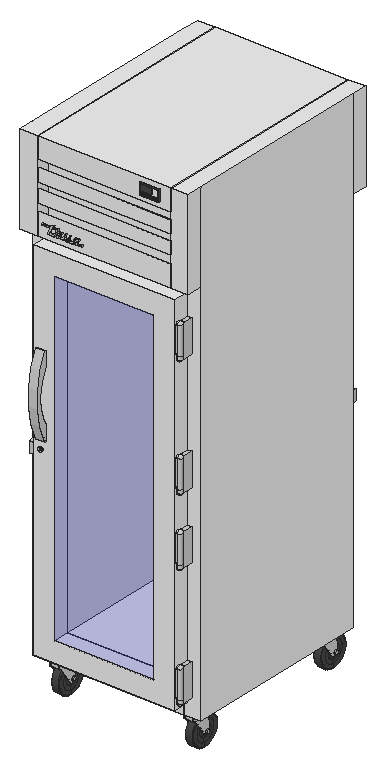
Revit family
Parameters
  Weight in Pounds = 0
  Watts = 1500 W
  Volts = 208 V
  URL Cutsheet = "www.truemfg.com"
  URL = "www.truemfg.com"
  Type Mark [instance] = ""
  Type Comments = ""
  Status [instance] = ""
  Specification by User [instance] = ""
  Specification by Manufacturer = ""
  Show Seismic Flanged [instance] = no
  Show Logo [instance] = yes
  Show Legs [instance] = no
  Show Clearance [instance] = yes
  Serial Number = ""
  Seismic Rating = ""
  Seismic Plate [instance] = and(Show Seismic Flanged, not(Show Casters))  # no
  SMACNA No = ""
  Revision Code [instance] = ""
  Phase = 1
  Omniclass Number and Title = ""
  Number of Poles [instance] = 1
  NAFEM Spec ID Number = ""
  Model = "STR1HPT-1G-1S"
  Min Ckt Ampacity = 0 A
  Max Overcurrent Protection = 0 A
  Masterspec = ""
  Manufacturer = "TRUE FOOD SERVICE EQUIPMENT, INC."
  Length = 27 1/2"
  Legs [instance] = or(Show Legs, Show Seismic Flanged)  # no
  Item Number [instance] = ""
  Installed By [instance] = ""
  Identify Quantity as Lot [instance] = yes
  Height = 77 3/4"
  HP = ""
  Furnished By [instance] = ""
  Foodservice Equipment Identifier [instance] = yes
  FL Amps = Watts / Volts  # 7.21154 A
  Electrical Remarks [instance] = ""
  Electric Connection Type [instance] = ""
  Elec Conn RI Height [instance] = 0"
  Elec Conn Connection Height [instance] = 0"
  Description = "Pass-thru Glass Front /Solid Rear Swing Door Heated Cabinet"
  Depth = 36 1/2"
  Cycle = 60 Hz
  Conn Plug = "5-15P"
  Conn Conduit = yes
  Show Casters [instance] = and(not(if(Show Legs, Show Legs, Show Legs)), not(if(Show Legs, Show Legs, Show Seismic Flanged)))  # yes
  CSI MasterFormat = ""
  CSI Master Format = ""
  Apparent Power = if(Phase = 3, Volts * FL Amps * 1.73, Volts * FL Amps)  # 1500 VA
Reference planes (in)
  plane 1: z = 0
  plane 2 "LEFT": x = 0
  plane 3 "RIGHT": x = 27.5
  plane 4 "FRONT": y = -33.75
  plane 5 "TOP": z = 84.125
  plane 6: z = 6.125
  plane 7: y = 2.75
Forms (in)
  Extrusion 1, solid, material "QF_Finishes_Chrome - Satin"
    sketch origin (0.05, 0, 0) x (1, 0, 0) y (0, 1, 0)
      loop
        line (-0.05, 0) -> (-0.05, -31) -> (2.80938, -31) -> (2.80938, 0) -> (-0.05, 0)
    from 6.125 to 84.125
  Extrusion 2, solid, material "QF_Finishes_Chrome - Satin"
    sketch origin (50.15, 0, 0) x (1, 0, 0) y (0, 1, 0)
      loop
        line (-25.50937, 0) -> (-25.50937, -31) -> (-22.65, -31) -> (-22.65, 0) -> (-25.50937, 0)
    from 6.125 to 84.125
  Extrusion 3, solid, material "QF_Finishes_Chrome - Satin"
    sketch origin (0, 0, 0) x (0, 1, 0) y (0, 0, 1)
      loop
        line (-33.5625, 69.5) -> (-31, 69.5) -> (-31, 64.875) -> (0, 64.875) -> (0, 69.5) -> (2.5625, 69.5) -> (2.5625, 73.1597) -> (0.49784, 71.69166) -> (0.49784, 72.96723) -> (2.5625, 74.43527) -> (2.5625, 76.53148) -> (0.49784, 75.06344) -> (0.49784, 76.0242) -> (2.5625, 77.49224) -> (2.5625, 79.62595) -> (0.49784, 78.15791) -> (0.49784, 79.28018) -> (2.5625, 80.74822) -> (2.5625, 84.125) -> (-33.5625, 84.125) -> (-33.5625, 80.68002) -> (-31.5, 79.21352) -> (-31.5, 78.09125) -> (-33.5625, 79.55776) -> (-33.5625, 77.42405) -> (-31.5, 75.95754) -> (-31.5, 74.99678) -> (-33.5625, 76.46328) -> (-33.5625, 74.36708) -> (-31.5, 72.90057) -> (-31.5, 71.625) -> (-33.5625, 73.09151) -> (-33.5625, 69.5)
      loop
        line (-31, 6.125) -> (0, 6.125) -> (0, 8.94743) -> (-31, 8.94743) -> (-31, 6.125)
    from 2.85938 to 24.64062
  Extrusion 4, solid, material "QF_Finishes_Chrome - Satin"
    sketch origin (0, 0, 0) x (1, 0, 0) y (0, 1, 0)
      loop
        line (27.45312, -31) -> (24.64062, -31) -> (24.64062, -33.5625) -> (27.45312, -33.5625) -> (27.45312, -31)
    from 69.5 to 84.125
  Extrusion 5, solid, material "QF_Finishes_Chrome - Satin"
    sketch origin (-50.125, 0, 0.25) x (1, 0, 0) y (0, 1, 0)
      loop
        line (52.98437, -31) -> (50.17188, -31) -> (50.17188, -33.5625) -> (52.98437, -33.5625) -> (52.98437, -31)
    from 69.25 to 83.875
  Extrusion 6, solid, material "QF_Finishes_Handrails and Railings", visible <- "Show Logo"
    sketch origin (0.33478, 1.08173, -6.73143) x (1, 0, 0) y (0, 0, 1)
      loop
        line (3.46044, 78.46231) -> (3.35478, 78.23573) -> (4.76027, 78.23573)
        arc (4.76027, 78.23573) -> (4.78879, 78.18528) -> (4.76027, 78.13484) r 0.05887
        line (4.76027, 78.13484) -> (4.39369, 77.34872)
        arc (4.39369, 77.34872) -> (4.39051, 77.27591) -> (4.43975, 77.22217) r 0.09523
        line (4.43975, 77.22217) -> (5.33844, 77.22217)
        arc (5.33844, 77.22217) -> (5.45192, 77.25795) -> (5.52436, 77.35235) r 0.19785
        line (5.52436, 77.35235) -> (5.81285, 77.97101) -> (6.0779, 77.97101)
        arc (6.0779, 77.97101) -> (6.14744, 77.94543) -> (6.13737, 77.87203) r 0.05911
        line (6.13737, 77.87203) -> (5.89598, 77.35437)
        arc (5.89598, 77.35437) -> (5.89974, 77.2684) -> (5.97231, 77.22217) r 0.09318
        line (5.97231, 77.22217) -> (6.76198, 77.22217)
        arc (6.76198, 77.22217) -> (6.82249, 77.24419) -> (6.85468, 77.29995) r 0.09412
        arc (6.85468, 77.29995) -> (6.87746, 77.24495) -> (6.93246, 77.22217) r 0.07778
        line (6.93246, 77.22217) -> (7.43246, 77.22217)
        arc (7.43246, 77.22217) -> (7.49022, 77.23765) -> (7.53251, 77.27993) r 0.11552
        arc (7.53251, 77.27993) -> (7.55275, 77.23106) -> (7.60162, 77.21081) r 0.06912
        line (7.60162, 77.21081) -> (8.31225, 77.21081)
        arc (8.31225, 77.21081) -> (8.37034, 77.23488) -> (8.39441, 77.29297) r 0.08216
        arc (8.39441, 77.29297) -> (8.44767, 77.23972) -> (8.52042, 77.22022) r 0.14551
        line (8.52042, 77.22022) -> (9.85158, 77.22022) -> (9.99946, 77.47634) -> (8.65678, 77.47634)
        arc (8.65678, 77.47634) -> (8.61972, 77.50204) -> (8.61834, 77.54711) r 0.05009
        line (8.61834, 77.54711) -> (8.64157, 77.59692)
        arc (8.64157, 77.59692) -> (8.67723, 77.64364) -> (8.73327, 77.66135) r 0.09747
        line (8.73327, 77.66135) -> (9.16485, 77.66135)
        arc (9.16485, 77.66135) -> (9.258, 77.68631) -> (9.32619, 77.7545) r 0.1863
        line (9.32619, 77.7545) -> (9.45119, 77.97101)
        arc (9.45119, 77.97101) -> (9.45119, 78.08657) -> (9.35111, 78.14434) r 0.11556
        line (9.35111, 78.14434) -> (8.89562, 78.14434)
        arc (8.89562, 78.14434) -> (8.7795, 78.12462) -> (8.69849, 78.03912) r 0.18605
        line (8.69849, 78.03912) -> (8.48204, 77.57493)
        arc (8.48204, 77.57493) -> (8.41815, 77.49167) -> (8.31806, 77.46011) r 0.1745
        line (8.31806, 77.46011) -> (7.84559, 77.46011)
        arc (7.84559, 77.46011) -> (7.78903, 77.52184) -> (7.79268, 77.60548) r 0.10939
        line (7.79268, 77.60548) -> (8.04395, 78.14434) -> (7.88403, 78.14434) -> (7.61781, 77.57344)
        arc (7.61781, 77.57344) -> (7.56609, 77.50603) -> (7.48505, 77.48048) r 0.14128
        line (7.48505, 77.48048) -> (7.15925, 77.48048)
        arc (7.15925, 77.48048) -> (7.10419, 77.55223) -> (7.116, 77.64189) r 0.11816
        line (7.116, 77.64189) -> (7.3503, 78.14434) -> (7.18514, 78.14434) -> (6.91546, 77.566)
        arc (6.91546, 77.566) -> (6.85285, 77.50339) -> (6.76733, 77.48048) r 0.17104
        line (6.76733, 77.48048) -> (6.29555, 77.48048)
        arc (6.29555, 77.48048) -> (6.21082, 77.51999) -> (6.20267, 77.61313) r 0.0935
        line (6.20267, 77.61313) -> (6.35774, 77.94569) -> (6.57695, 77.94569)
        arc (6.57695, 77.94569) -> (6.61395, 78.05717) -> (6.69267, 78.14434) r 0.2857
        line (6.69267, 78.14434) -> (5.83605, 78.14434)
        arc (5.83605, 78.14434) -> (5.74086, 78.12324) -> (5.67498, 78.05135) r 0.16212
        line (5.67498, 78.05135) -> (5.44279, 77.55341)
        arc (5.44279, 77.55341) -> (5.3894, 77.50002) -> (5.31647, 77.48048) r 0.14586
        line (5.31647, 77.48048) -> (4.80506, 77.48048)
        arc (4.80506, 77.48048) -> (4.76514, 77.53442) -> (4.77274, 77.60109) r 0.09155
        line (4.77274, 77.60109) -> (5.11018, 78.23573) -> (5.96155, 78.23573) -> (6.06721, 78.46231) -> (5.21584, 78.46231) -> (5.32149, 78.68888) -> (5.01862, 78.68888) -> (4.91297, 78.46231) -> (3.46044, 78.46231)
      loop
        arc (8.83805, 77.93863) -> (8.80119, 77.92875) -> (8.7742, 77.90176) r 0.07373
        line (8.7742, 77.90176) -> (8.75229, 77.83436)
        arc (8.75229, 77.83436) -> (8.76245, 77.80983) -> (8.78699, 77.79966) r 0.0347
        line (8.78699, 77.79966) -> (9.15948, 77.79966)
        arc (9.15948, 77.79966) -> (9.18632, 77.80561) -> (9.20812, 77.82234) r 0.0635
        line (9.20812, 77.82234) -> (9.22624, 77.90622)
        arc (9.22624, 77.90622) -> (9.22091, 77.92868) -> (9.20009, 77.93863) r 0.02676
        line (9.20009, 77.93863) -> (8.83805, 77.93863)
    from 34.64423 to 34.83173
  Extrusion 7, solid
    sketch origin (-25.125, 2.6875, 0) x (1, 0, 0) y (0, 0, 1)
      loop
        circle (49.375, 82) r 0.25
    from 0.23221 to 0.125
  Blend 8, solid, material "QF_Finishes_Handrails and Railings"
    base sketch origin (27.53125, 0.1875, -0.03527) x (-1, 0, 0) y (0, 0, -1)
      loop
        line (25.25, -38.99169) -> (26, -38.99169) -> (26, -37.24169) -> (25.25, -37.24169) -> (25.25, -38.99169)
    top sketch origin (27.53125, 0.1875, -0.03527) x (-1, 0, 0) y (0, 0, -1)
      loop
        line (26.18223, -36.6441) -> (25.25, -36.6441) -> (25.25, -39.42643) -> (26.18223, -39.42643) -> (26.18223, -36.6441)
    from 33.57883 to 31.1875
  Extrusion 9, solid, material "QF_Finishes_Handrails and Railings"
    sketch origin (26.21875, 0.1875, 0) x (0, 1, 0) y (0, 0, -1)
      loop
        line (-31.1875, -64.55229) -> (-31.1875, -59.23627) -> (-33.25, -59.23627) -> (-33.25, -59.94848) -> (-32.81497, -59.94848) -> (-32.81497, -64.34776)
        arc (-32.81497, -64.34776) -> (-32.75506, -64.49238) -> (-32.61044, -64.55229) r 0.20453
        line (-32.61044, -64.55229) -> (-31.1875, -64.55229)
    from 0.17506 to 1
  Revolve 10, solid, material "QF_Finishes_Handrails and Railings"
    sketch origin (25.71875, 0.1875, 0) x (0, 1, 0) y (0, 0, -1)
      loop
        line (-33.26563, -60.00189) -> (-33.67229, -60.00189) -> (-33.67229, -64.4736)
        arc (-33.67229, -64.4736) -> (-33.53722, -64.72557) -> (-33.26563, -64.81483) r 0.3848
        line (-33.26563, -64.81483) -> (-33.26563, -60.00189)
      loop
        line (-33.26563, -59.94848) -> (-33.26563, -59.04781)
        arc (-33.26563, -59.04781) -> (-33.53264, -59.13383) -> (-33.67229, -59.37712) r 0.38884
        line (-33.67229, -59.37712) -> (-33.67229, -59.94848) -> (-33.26563, -59.94848)
      axis (-33.26563, -59.04781) -> (-33.26563, -64.81483)
    angle from 0 to 360
  Extrusion 11, solid, material "QF_Finishes_Handrails and Railings"
    sketch origin (27.53125, 0.1875, 0) x (-1, 0, 0) y (0, 0, -1)
      loop
        line (1.91491, -64.4736) -> (2.3125, -64.4736) -> (2.3125, -60.00079) -> (1.91491, -60.00079) -> (1.91491, -64.4736)
    from 32.81497 to 33.59495
  Extrusion 12, solid, material "QF_Finishes_Handrails and Railings"
    sketch origin (26.21875, 0.1875, -19.5) x (0, 1, 0) y (0, 0, -1)
      loop
        line (-31.1875, -64.55229) -> (-31.1875, -59.23627) -> (-33.25, -59.23627) -> (-33.25, -59.94848) -> (-32.81497, -59.94848) -> (-32.81497, -64.34776)
        arc (-32.81497, -64.34776) -> (-32.75506, -64.49238) -> (-32.61044, -64.55229) r 0.20453
        line (-32.61044, -64.55229) -> (-31.1875, -64.55229)
    from 0.17506 to 1
  Revolve 13, solid, material "QF_Finishes_Handrails and Railings"
    sketch origin (25.71875, 0.1875, -19.5) x (0, 1, 0) y (0, 0, -1)
      loop
        line (-33.26563, -60.00189) -> (-33.67229, -60.00189) -> (-33.67229, -64.4736)
        arc (-33.67229, -64.4736) -> (-33.53722, -64.72557) -> (-33.26563, -64.81483) r 0.3848
        line (-33.26563, -64.81483) -> (-33.26563, -60.00189)
      loop
        line (-33.26563, -59.94848) -> (-33.26563, -59.04781)
        arc (-33.26563, -59.04781) -> (-33.53264, -59.13383) -> (-33.67229, -59.37712) r 0.38884
        line (-33.67229, -59.37712) -> (-33.67229, -59.94848) -> (-33.26563, -59.94848)
      axis (-33.26563, -59.04781) -> (-33.26563, -64.81483)
    angle from 0 to 360
  Extrusion 14, solid, material "QF_Finishes_Handrails and Railings"
    sketch origin (27.53125, 0.1875, -19.5) x (-1, 0, 0) y (0, 0, -1)
      loop
        line (1.91491, -64.4736) -> (2.3125, -64.4736) -> (2.3125, -60.00079) -> (1.91491, -60.00079) -> (1.91491, -64.4736)
    from 32.81497 to 33.59495
  Extrusion 15, solid, material "QF_Finishes_Handrails and Railings"
    sketch origin (26.21875, 0.1875, -30.5) x (0, 1, 0) y (0, 0, -1)
      loop
        line (-31.1875, -64.55229) -> (-31.1875, -59.23627) -> (-33.25, -59.23627) -> (-33.25, -59.94848) -> (-32.81497, -59.94848) -> (-32.81497, -64.34776)
        arc (-32.81497, -64.34776) -> (-32.75506, -64.49238) -> (-32.61044, -64.55229) r 0.20453
        line (-32.61044, -64.55229) -> (-31.1875, -64.55229)
    from 0.17506 to 1
  Revolve 16, solid, material "QF_Finishes_Handrails and Railings"
    sketch origin (25.71875, 0.1875, -30.5) x (0, 1, 0) y (0, 0, -1)
      loop
        line (-33.26563, -60.00189) -> (-33.67229, -60.00189) -> (-33.67229, -64.4736)
        arc (-33.67229, -64.4736) -> (-33.53722, -64.72557) -> (-33.26563, -64.81483) r 0.3848
        line (-33.26563, -64.81483) -> (-33.26563, -60.00189)
      loop
        line (-33.26563, -59.94848) -> (-33.26563, -59.04781)
        arc (-33.26563, -59.04781) -> (-33.53264, -59.13383) -> (-33.67229, -59.37712) r 0.38884
        line (-33.67229, -59.37712) -> (-33.67229, -59.94848) -> (-33.26563, -59.94848)
      axis (-33.26563, -59.04781) -> (-33.26563, -64.81483)
    angle from 0 to 360
  Extrusion 17, solid, material "QF_Finishes_Handrails and Railings"
    sketch origin (27.53125, 0.1875, -30.5) x (-1, 0, 0) y (0, 0, -1)
      loop
        line (1.91491, -64.4736) -> (2.3125, -64.4736) -> (2.3125, -60.00079) -> (1.91491, -60.00079) -> (1.91491, -64.4736)
    from 32.81497 to 33.59495
  Extrusion 18, solid, material "QF_Finishes_Handrails and Railings"
    sketch origin (26.21875, 0.1875, -50.25) x (0, 1, 0) y (0, 0, -1)
      loop
        line (-31.1875, -64.55229) -> (-31.1875, -59.23627) -> (-33.25, -59.23627) -> (-33.25, -59.94848) -> (-32.81497, -59.94848) -> (-32.81497, -64.34776)
        arc (-32.81497, -64.34776) -> (-32.75506, -64.49238) -> (-32.61044, -64.55229) r 0.20453
        line (-32.61044, -64.55229) -> (-31.1875, -64.55229)
    from 0.17506 to 1
  Revolve 19, solid, material "QF_Finishes_Handrails and Railings"
    sketch origin (25.71875, 0.1875, -50.25) x (0, 1, 0) y (0, 0, -1)
      loop
        line (-33.26563, -60.00189) -> (-33.67229, -60.00189) -> (-33.67229, -64.4736)
        arc (-33.67229, -64.4736) -> (-33.53722, -64.72557) -> (-33.26563, -64.81483) r 0.3848
        line (-33.26563, -64.81483) -> (-33.26563, -60.00189)
      loop
        line (-33.26563, -59.94848) -> (-33.26563, -59.04781)
        arc (-33.26563, -59.04781) -> (-33.53264, -59.13383) -> (-33.67229, -59.37712) r 0.38884
        line (-33.67229, -59.37712) -> (-33.67229, -59.94848) -> (-33.26563, -59.94848)
      axis (-33.26563, -59.04781) -> (-33.26563, -64.81483)
    angle from 0 to 360
  Extrusion 20, solid, material "QF_Finishes_Handrails and Railings"
    sketch origin (27.53125, 0.1875, -50.25) x (-1, 0, 0) y (0, 0, -1)
      loop
        line (1.91491, -64.4736) -> (2.3125, -64.4736) -> (2.3125, -60.00079) -> (1.91491, -60.00079) -> (1.91491, -64.4736)
    from 32.81497 to 33.59495
  Revolve 21, solid, material "QF_Finishes_Black", visible <- "Show Casters"
    sketch origin (22.65625, -27.375, 0) x (1, 0, 0) y (0, 0, 1)
      loop
        line (1.475, 5) -> (1.375, 4.9) -> (1.375, 4.29941) -> (1.53601, 4.29941) -> (1.53601, 3.54941) -> (1.375, 3.54941) -> (1.375, 2.79941) -> (0.975, 2.79941) -> (0.975, 2.5) -> (3.025, 2.5) -> (3.025, 2.79941) -> (2.62908, 2.79941) -> (2.62908, 3.54941) -> (2.46399, 3.54941) -> (2.46399, 4.29941) -> (2.62908, 4.29941) -> (2.62908, 4.89592) -> (2.525, 5) -> (1.475, 5)
      axis (3.025, 2.5) -> (0.975, 2.5)
    angle from 0 to 360
  Extrusion 22, solid, material "QF_Finishes_Handrails and Railings", visible <- "Show Casters"
    sketch origin (22.65625, 0, 0) x (0, 1, 0) y (0, 0, 1)
      loop
        line (-29.95136, 5.48574) -> (-29.95136, 4.88089) -> (-29.70136, 4.88089) -> (-27.95216, 2.18736)
        arc (-27.95216, 2.18736) -> (-27.23883, 1.94868) -> (-26.84581, 2.59003) r 0.60416
        line (-26.84581, 2.59003) -> (-27.20136, 5.48574) -> (-29.95136, 5.48574)
      loop
        line (-3.8577, 5.48574) -> (-3.8577, 4.88089) -> (-3.6077, 4.88089) -> (-1.8585, 2.18736)
        arc (-1.8585, 2.18736) -> (-1.14517, 1.94868) -> (-0.75215, 2.59003) r 0.60416
        line (-0.75215, 2.59003) -> (-1.1077, 5.48574) -> (-3.8577, 5.48574)
    from 1.175 to 1.325
  Extrusion 23, solid, material "QF_Finishes_Handrails and Railings", visible <- "Show Casters"
    sketch origin (24.15625, 0, 0) x (0, 1, 0) y (0, 0, 1)
      loop
        line (-29.95136, 5.48574) -> (-29.95136, 4.88089) -> (-29.70136, 4.88089) -> (-27.95216, 2.18736)
        arc (-27.95216, 2.18736) -> (-27.23883, 1.94868) -> (-26.84581, 2.59003) r 0.60416
        line (-26.84581, 2.59003) -> (-27.20136, 5.48574) -> (-29.95136, 5.48574)
      loop
        line (-3.8577, 5.48574) -> (-3.8577, 4.88089) -> (-3.6077, 4.88089) -> (-1.8585, 2.18736)
        arc (-1.8585, 2.18736) -> (-1.14517, 1.94868) -> (-0.75215, 2.59003) r 0.60416
        line (-0.75215, 2.59003) -> (-1.1077, 5.48574) -> (-3.8577, 5.48574)
    from 1.175 to 1.325
  Revolve 24, solid, material "QF_Finishes_Chrome - Satin", visible <- "Show Casters"
    sketch origin (22.65625, -28.57636, -0.5) x (1, 0, 0) y (0, 0, 1)
      loop
        line (2, 5.98574) -> (2, 6.625) -> (0.70293, 6.625) -> (0.70293, 5.98574) -> (2, 5.98574)
      axis (2, 5.98574) -> (2, 6.625)
    angle from 0 to 360
  Revolve 25, solid, material "QF_Finishes_Chrome - Satin", visible <- "Legs"
    sketch origin (22.65625, -2.69102, 0) x (1, 0, 0) y (0, 0, 1)
      loop
        line (2, 6.125) -> (0.66662, 6.125) -> (1.25, 1) -> (1.5, 1) -> (1.5, 0) -> (2, 0) -> (2, 6.125)
      axis (2, 0) -> (2, 6.125)
    angle from 0 to 360
  Revolve 26, solid, material "QF_Finishes_Chrome - Satin", visible <- "Legs"
    sketch origin (22.65625, -28.65977, 0) x (1, 0, 0) y (0, 0, 1)
      loop
        line (2, 6.125) -> (0.66662, 6.125) -> (1.25, 1) -> (1.5, 1) -> (1.5, 0) -> (2, 0) -> (2, 6.125)
      axis (2, 0) -> (2, 6.125)
    angle from 0 to 360
  Revolve 27, solid, material "QF_Finishes_Chrome - Satin", visible <- "Show Casters"
    sketch origin (22.65625, -2.4827, -0.5) x (1, 0, 0) y (0, 0, 1)
      loop
        line (2, 5.98574) -> (2, 6.625) -> (0.70293, 6.625) -> (0.70293, 5.98574) -> (2, 5.98574)
      axis (2, 5.98574) -> (2, 6.625)
    angle from 0 to 360
  Extrusion 28, solid, material "QF_Finishes_Handrails and Railings", visible <- "Show Casters"
    sketch origin (-25.125, 0, 0) x (0, 1, 0) y (0, 0, 1)
      loop
        line (-29.95136, 5.48574) -> (-29.95136, 4.88089) -> (-29.70136, 4.88089) -> (-27.16533, 5.19227) -> (-27.20136, 5.48574) -> (-29.95136, 5.48574)
      loop
        line (-3.8577, 5.48574) -> (-3.8577, 4.88089) -> (-3.6077, 4.88089) -> (-1.07167, 5.19227) -> (-1.1077, 5.48574) -> (-3.8577, 5.48574)
    from 49.10625 to 50.45625
  Revolve 29, solid, material "QF_Finishes_Black", visible <- "Show Casters"
    sketch origin (22.65625, -1.21875, 0) x (1, 0, 0) y (0, 0, 1)
      loop
        line (1.475, 5) -> (1.375, 4.9) -> (1.375, 4.29941) -> (1.53601, 4.29941) -> (1.53601, 3.54941) -> (1.375, 3.54941) -> (1.375, 2.79941) -> (0.975, 2.79941) -> (0.975, 2.5) -> (3.025, 2.5) -> (3.025, 2.79941) -> (2.62908, 2.79941) -> (2.62908, 3.54941) -> (2.46399, 3.54941) -> (2.46399, 4.29941) -> (2.62908, 4.29941) -> (2.62908, 4.89592) -> (2.525, 5) -> (1.475, 5)
      axis (3.025, 2.5) -> (0.975, 2.5)
    angle from 0 to 360
  Revolve 30, solid, material "QF_Finishes_Black", visible <- "Show Casters"
    sketch origin (0.84375, -27.375, 0) x (1, 0, 0) y (0, 0, 1)
      loop
        line (1.475, 5) -> (1.375, 4.9) -> (1.375, 4.29941) -> (1.53601, 4.29941) -> (1.53601, 3.54941) -> (1.375, 3.54941) -> (1.375, 2.79941) -> (0.975, 2.79941) -> (0.975, 2.5) -> (3.025, 2.5) -> (3.025, 2.79941) -> (2.62908, 2.79941) -> (2.62908, 3.54941) -> (2.46399, 3.54941) -> (2.46399, 4.29941) -> (2.62908, 4.29941) -> (2.62908, 4.89592) -> (2.525, 5) -> (1.475, 5)
      axis (3.025, 2.5) -> (0.975, 2.5)
    angle from 0 to 360
  Extrusion 31, solid, material "QF_Finishes_Handrails and Railings", visible <- "Show Casters"
    sketch origin (0.84375, 0, 0) x (0, 1, 0) y (0, 0, 1)
      loop
        line (-29.95136, 5.48574) -> (-29.95136, 4.88089) -> (-29.70136, 4.88089) -> (-27.95216, 2.18736)
        arc (-27.95216, 2.18736) -> (-27.23883, 1.94868) -> (-26.84581, 2.59003) r 0.60416
        line (-26.84581, 2.59003) -> (-27.20136, 5.48574) -> (-29.95136, 5.48574)
      loop
        line (-3.8577, 5.48574) -> (-3.8577, 4.88089) -> (-3.6077, 4.88089) -> (-1.8585, 2.18736)
        arc (-1.8585, 2.18736) -> (-1.14517, 1.94868) -> (-0.75215, 2.59003) r 0.60416
        line (-0.75215, 2.59003) -> (-1.1077, 5.48574) -> (-3.8577, 5.48574)
    from 1.175 to 1.325
  Extrusion 32, solid, material "QF_Finishes_Handrails and Railings", visible <- "Show Casters"
    sketch origin (2.34375, 0, 0) x (0, 1, 0) y (0, 0, 1)
      loop
        line (-29.95136, 5.48574) -> (-29.95136, 4.88089) -> (-29.70136, 4.88089) -> (-27.95216, 2.18736)
        arc (-27.95216, 2.18736) -> (-27.23883, 1.94868) -> (-26.84581, 2.59003) r 0.60416
        line (-26.84581, 2.59003) -> (-27.20136, 5.48574) -> (-29.95136, 5.48574)
      loop
        line (-3.8577, 5.48574) -> (-3.8577, 4.88089) -> (-3.6077, 4.88089) -> (-1.8585, 2.18736)
        arc (-1.8585, 2.18736) -> (-1.14517, 1.94868) -> (-0.75215, 2.59003) r 0.60416
        line (-0.75215, 2.59003) -> (-1.1077, 5.48574) -> (-3.8577, 5.48574)
    from 1.175 to 1.325
  Revolve 33, solid, material "QF_Finishes_Chrome - Satin", visible <- "Show Casters"
    sketch origin (0.84375, -28.57636, -0.5) x (1, 0, 0) y (0, 0, 1)
      loop
        line (2, 5.98574) -> (2, 6.625) -> (0.70293, 6.625) -> (0.70293, 5.98574) -> (2, 5.98574)
      axis (2, 5.98574) -> (2, 6.625)
    angle from 0 to 360
  Revolve 34, solid, material "QF_Finishes_Chrome - Satin", visible <- "Legs"
    sketch origin (0.84375, -2.69102, 0) x (1, 0, 0) y (0, 0, 1)
      loop
        line (2, 6.125) -> (0.66662, 6.125) -> (1.25, 1) -> (1.5, 1) -> (1.5, 0) -> (2, 0) -> (2, 6.125)
      axis (2, 0) -> (2, 6.125)
    angle from 0 to 360
  Revolve 35, solid, material "QF_Finishes_Chrome - Satin", visible <- "Legs"
    sketch origin (0.84375, -28.65977, 0) x (1, 0, 0) y (0, 0, 1)
      loop
        line (2, 6.125) -> (0.66662, 6.125) -> (1.25, 1) -> (1.5, 1) -> (1.5, 0) -> (2, 0) -> (2, 6.125)
      axis (2, 0) -> (2, 6.125)
    angle from 0 to 360
  Revolve 36, solid, material "QF_Finishes_Chrome - Satin", visible <- "Show Casters"
    sketch origin (0.84375, -2.4827, -0.5) x (1, 0, 0) y (0, 0, 1)
      loop
        line (2, 5.98574) -> (2, 6.625) -> (0.70293, 6.625) -> (0.70293, 5.98574) -> (2, 5.98574)
      axis (2, 5.98574) -> (2, 6.625)
    angle from 0 to 360
  Extrusion 37, solid, material "QF_Finishes_Handrails and Railings", visible <- "Show Casters"
    sketch origin (-46.9375, 0, 0) x (0, 1, 0) y (0, 0, 1)
      loop
        line (-29.95136, 5.48574) -> (-29.95136, 4.88089) -> (-29.70136, 4.88089) -> (-27.16533, 5.19227) -> (-27.20136, 5.48574) -> (-29.95136, 5.48574)
      loop
        line (-3.8577, 5.48574) -> (-3.8577, 4.88089) -> (-3.6077, 4.88089) -> (-1.07167, 5.19227) -> (-1.1077, 5.48574) -> (-3.8577, 5.48574)
    from 49.10625 to 50.45625
  Revolve 38, solid, material "QF_Finishes_Black", visible <- "Show Casters"
    sketch origin (0.84375, -1.21875, 0) x (1, 0, 0) y (0, 0, 1)
      loop
        line (1.475, 5) -> (1.375, 4.9) -> (1.375, 4.29941) -> (1.53601, 4.29941) -> (1.53601, 3.54941) -> (1.375, 3.54941) -> (1.375, 2.79941) -> (0.975, 2.79941) -> (0.975, 2.5) -> (3.025, 2.5) -> (3.025, 2.79941) -> (2.62908, 2.79941) -> (2.62908, 3.54941) -> (2.46399, 3.54941) -> (2.46399, 4.29941) -> (2.62908, 4.29941) -> (2.62908, 4.89592) -> (2.525, 5) -> (1.475, 5)
      axis (3.025, 2.5) -> (0.975, 2.5)
    angle from 0 to 360
  Extrusion 39, solid, material "QF_Finishes_Chrome - Satin"
    sketch origin (0, -31.375, 0) x (1, 0, 0) y (0, 1, 0)
      loop
        line (27.45312, 31.375) -> (27.45312, 33.9375) -> (24.64062, 33.9375) -> (24.64062, 31.375) -> (27.45312, 31.375)
    from 69.5 to 84.125
  Extrusion 40, solid, material "QF_Finishes_Chrome - Satin"
    sketch origin (-50.125, -31, 0.25) x (1, 0, 0) y (0, 1, 0)
      loop
        line (52.98437, 31) -> (52.98437, 33.5625) -> (50.17188, 33.5625) -> (50.17188, 31) -> (52.98437, 31)
    from 69.25 to 83.875
  Extrusion 41, solid, material "QF_Finishes_Handrails and Railings"
    sketch origin (1.28125, -31.17295, 0) x (0, -1, 0) y (0, 0, -1)
      loop
        line (-31.17295, -64.55229) -> (-31.17295, -59.23627) -> (-33.25, -59.23627) -> (-33.25, -59.94848) -> (-32.81497, -59.94848) -> (-32.81497, -64.34776)
        arc (-32.81497, -64.34776) -> (-32.75506, -64.49238) -> (-32.61044, -64.55229) r 0.20453
        line (-32.61044, -64.55229) -> (-31.17295, -64.55229)
    from 0.17506 to 1
  Revolve 42, solid, material "QF_Finishes_Handrails and Railings"
    sketch origin (1.78125, -31.17295, 0) x (0, -1, 0) y (0, 0, -1)
      loop
        line (-33.26563, -60.00189) -> (-33.67229, -60.00189) -> (-33.67229, -64.4736)
        arc (-33.67229, -64.4736) -> (-33.53722, -64.72557) -> (-33.26563, -64.81483) r 0.3848
        line (-33.26563, -64.81483) -> (-33.26563, -60.00189)
      loop
        line (-33.26563, -59.94848) -> (-33.26563, -59.04781)
        arc (-33.26563, -59.04781) -> (-33.53264, -59.13383) -> (-33.67229, -59.37712) r 0.38884
        line (-33.67229, -59.37712) -> (-33.67229, -59.94848) -> (-33.26563, -59.94848)
      axis (-33.26563, -59.04781) -> (-33.26563, -64.81483)
    angle from 0 to 360
  Extrusion 43, solid, material "QF_Finishes_Handrails and Railings"
    sketch origin (-0.03125, -31.17295, 0) x (1, 0, 0) y (0, 0, -1)
      loop
        line (1.91491, -64.4736) -> (2.3125, -64.4736) -> (2.3125, -60.00079) -> (1.91491, -60.00079) -> (1.91491, -64.4736)
    from 32.81497 to 33.59495
  Extrusion 44, solid, material "QF_Finishes_Handrails and Railings"
    sketch origin (1.28125, -31.17295, -19.5) x (0, -1, 0) y (0, 0, -1)
      loop
        line (-31.17295, -64.55229) -> (-31.17295, -59.23627) -> (-33.25, -59.23627) -> (-33.25, -59.94848) -> (-32.81497, -59.94848) -> (-32.81497, -64.34776)
        arc (-32.81497, -64.34776) -> (-32.75506, -64.49238) -> (-32.61044, -64.55229) r 0.20453
        line (-32.61044, -64.55229) -> (-31.17295, -64.55229)
    from 0.17506 to 1
  Revolve 45, solid, material "QF_Finishes_Handrails and Railings"
    sketch origin (1.78125, -31.17295, -19.5) x (0, -1, 0) y (0, 0, -1)
      loop
        line (-33.26563, -60.00189) -> (-33.67229, -60.00189) -> (-33.67229, -64.4736)
        arc (-33.67229, -64.4736) -> (-33.53722, -64.72557) -> (-33.26563, -64.81483) r 0.3848
        line (-33.26563, -64.81483) -> (-33.26563, -60.00189)
      loop
        line (-33.26563, -59.94848) -> (-33.26563, -59.04781)
        arc (-33.26563, -59.04781) -> (-33.53264, -59.13383) -> (-33.67229, -59.37712) r 0.38884
        line (-33.67229, -59.37712) -> (-33.67229, -59.94848) -> (-33.26563, -59.94848)
      axis (-33.26563, -59.04781) -> (-33.26563, -64.81483)
    angle from 0 to 360
  Extrusion 46, solid, material "QF_Finishes_Handrails and Railings"
    sketch origin (-0.03125, -31.17295, -19.5) x (1, 0, 0) y (0, 0, -1)
      loop
        line (1.91491, -64.4736) -> (2.3125, -64.4736) -> (2.3125, -60.00079) -> (1.91491, -60.00079) -> (1.91491, -64.4736)
    from 32.81497 to 33.59495
  Extrusion 47, solid, material "QF_Finishes_Handrails and Railings"
    sketch origin (1.28125, -31.17295, -30.5) x (0, -1, 0) y (0, 0, -1)
      loop
        line (-31.17295, -64.55229) -> (-31.17295, -59.23627) -> (-33.25, -59.23627) -> (-33.25, -59.94848) -> (-32.81497, -59.94848) -> (-32.81497, -64.34776)
        arc (-32.81497, -64.34776) -> (-32.75506, -64.49238) -> (-32.61044, -64.55229) r 0.20453
        line (-32.61044, -64.55229) -> (-31.17295, -64.55229)
    from 0.17506 to 1
  Revolve 48, solid, material "QF_Finishes_Handrails and Railings"
    sketch origin (1.78125, -31.17295, -30.5) x (0, -1, 0) y (0, 0, -1)
      loop
        line (-33.26563, -60.00189) -> (-33.67229, -60.00189) -> (-33.67229, -64.4736)
        arc (-33.67229, -64.4736) -> (-33.53722, -64.72557) -> (-33.26563, -64.81483) r 0.3848
        line (-33.26563, -64.81483) -> (-33.26563, -60.00189)
      loop
        line (-33.26563, -59.94848) -> (-33.26563, -59.04781)
        arc (-33.26563, -59.04781) -> (-33.53264, -59.13383) -> (-33.67229, -59.37712) r 0.38884
        line (-33.67229, -59.37712) -> (-33.67229, -59.94848) -> (-33.26563, -59.94848)
      axis (-33.26563, -59.04781) -> (-33.26563, -64.81483)
    angle from 0 to 360
  Extrusion 49, solid, material "QF_Finishes_Handrails and Railings"
    sketch origin (-0.03125, -31.17295, -30.5) x (1, 0, 0) y (0, 0, -1)
      loop
        line (1.91491, -64.4736) -> (2.3125, -64.4736) -> (2.3125, -60.00079) -> (1.91491, -60.00079) -> (1.91491, -64.4736)
    from 32.81497 to 33.59495
  Extrusion 50, solid, material "QF_Finishes_Handrails and Railings"
    sketch origin (1.28125, -31.17295, -50.25) x (0, -1, 0) y (0, 0, -1)
      loop
        line (-31.17295, -64.55229) -> (-31.17295, -59.23627) -> (-33.25, -59.23627) -> (-33.25, -59.94848) -> (-32.81497, -59.94848) -> (-32.81497, -64.34776)
        arc (-32.81497, -64.34776) -> (-32.75506, -64.49238) -> (-32.61044, -64.55229) r 0.20453
        line (-32.61044, -64.55229) -> (-31.17295, -64.55229)
    from 0.17506 to 1
  Revolve 51, solid, material "QF_Finishes_Handrails and Railings"
    sketch origin (1.78125, -31.17295, -50.25) x (0, -1, 0) y (0, 0, -1)
      loop
        line (-33.26563, -60.00189) -> (-33.67229, -60.00189) -> (-33.67229, -64.4736)
        arc (-33.67229, -64.4736) -> (-33.53722, -64.72557) -> (-33.26563, -64.81483) r 0.3848
        line (-33.26563, -64.81483) -> (-33.26563, -60.00189)
      loop
        line (-33.26563, -59.94848) -> (-33.26563, -59.04781)
        arc (-33.26563, -59.04781) -> (-33.53264, -59.13383) -> (-33.67229, -59.37712) r 0.38884
        line (-33.67229, -59.37712) -> (-33.67229, -59.94848) -> (-33.26563, -59.94848)
      axis (-33.26563, -59.04781) -> (-33.26563, -64.81483)
    angle from 0 to 360
  Extrusion 52, solid, material "QF_Finishes_Handrails and Railings"
    sketch origin (-0.03125, -31.17295, -50.25) x (1, 0, 0) y (0, 0, -1)
      loop
        line (1.91491, -64.4736) -> (2.3125, -64.4736) -> (2.3125, -60.00079) -> (1.91491, -60.00079) -> (1.91491, -64.4736)
    from 32.81497 to 33.59495
  Blend 53, solid, material "QF_Finishes_Handrails and Railings"
    base sketch origin (-0.03125, -31.17295, 0.48974) x (1, 0, 0) y (0, 0, -1)
      loop
        line (25.25, -38.99169) -> (26, -38.99169) -> (26, -37.24169) -> (25.25, -37.24169) -> (25.25, -38.99169)
    top sketch origin (-0.03125, -31.17295, 0.48974) x (1, 0, 0) y (0, 0, -1)
      loop
        line (26.18223, -36.6441) -> (25.25, -36.6441) -> (25.25, -39.42643) -> (26.18223, -39.42643) -> (26.18223, -36.6441)
    from 33.57883 to 31.17295
  Extrusion 54, solid, material "QF_Finishes_White"
    sketch origin (-23.16691, 1.06376, 1.58022) x (1, 0, 0) y (0, 0, 1)
      loop
        line (42.94232, 81.73227) -> (42.94232, 79.98496) -> (45.84857, 79.98496) -> (45.84857, 81.73227) -> (42.94232, 81.73227)
    from 34.62626 to 34.72001
  Extrusion 55, solid, material "QF_Finishes_Black"
    sketch origin (-23.16691, 1.06376, 1.58022) x (1, 0, 0) y (0, 0, 1)
      loop
        line (45.91107, 81.79477) -> (42.87982, 81.79477) -> (42.87982, 79.92246) -> (45.91107, 79.92246) -> (45.91107, 81.79477)
      loop
        spline (43.07982, 80.25372) -> (43.08833, 80.23754) -> (43.11331, 80.22247) -> (43.15304, 80.20952) -> (43.20482, 80.19959) -> (43.26511, 80.19335) -> (43.32982, 80.19122) -> (43.39452, 80.19335) -> (43.45482, 80.19959) -> (43.50659, 80.20952) -> (43.54632, 80.22247) -> (43.5713, 80.23754) -> (43.57982, 80.25372)
        spline (43.57982, 80.25372) -> (43.5713, 80.26989) -> (43.54632, 80.28497) -> (43.50659, 80.29791) -> (43.45482, 80.30784) -> (43.39452, 80.31409) -> (43.32982, 80.31622) -> (43.26511, 80.31409) -> (43.20482, 80.30784) -> (43.15304, 80.29791) -> (43.11331, 80.28497) -> (43.08833, 80.26989) -> (43.07982, 80.25372)
      loop
        spline (43.77583, 80.25372) -> (43.78435, 80.23754) -> (43.80932, 80.22247) -> (43.84905, 80.20952) -> (43.90083, 80.19959) -> (43.96112, 80.19335) -> (44.02583, 80.19122) -> (44.09053, 80.19335) -> (44.15083, 80.19959) -> (44.20261, 80.20952) -> (44.24234, 80.22247) -> (44.26731, 80.23754) -> (44.27583, 80.25372)
        spline (44.27583, 80.25372) -> (44.26731, 80.26989) -> (44.24234, 80.28497) -> (44.20261, 80.29791) -> (44.15083, 80.30784) -> (44.09053, 80.31409) -> (44.02583, 80.31622) -> (43.96112, 80.31409) -> (43.90083, 80.30784) -> (43.84905, 80.29791) -> (43.80932, 80.28497) -> (43.78435, 80.26989) -> (43.77583, 80.25372)
      loop
        spline (44.52583, 80.25372) -> (44.53435, 80.23754) -> (44.55932, 80.22247) -> (44.59905, 80.20952) -> (44.65083, 80.19959) -> (44.71112, 80.19335) -> (44.77583, 80.19122) -> (44.84053, 80.19335) -> (44.90083, 80.19959) -> (44.95261, 80.20952) -> (44.99234, 80.22247) -> (45.01731, 80.23754) -> (45.02583, 80.25372)
        spline (45.02583, 80.25372) -> (45.01731, 80.26989) -> (44.99234, 80.28497) -> (44.95261, 80.29791) -> (44.90083, 80.30784) -> (44.84053, 80.31409) -> (44.77583, 80.31622) -> (44.71112, 80.31409) -> (44.65083, 80.30784) -> (44.59905, 80.29791) -> (44.55932, 80.28497) -> (44.53435, 80.26989) -> (44.52583, 80.25372)
      loop
        line (43.07981, 81.59478) -> (43.07981, 80.59478) -> (44.77933, 80.59478) -> (44.77933, 81.59478) -> (43.07981, 81.59478)
      loop
        line (45.84857, 81.73227) -> (42.94232, 81.73227) -> (42.94232, 79.98496) -> (45.84857, 79.98496) -> (45.84857, 81.73227)
      loop
        spline (45.27583, 80.25372) -> (45.28435, 80.23754) -> (45.30932, 80.22247) -> (45.34905, 80.20952) -> (45.40083, 80.19959) -> (45.46112, 80.19335) -> (45.52583, 80.19122) -> (45.59053, 80.19335) -> (45.65083, 80.19959) -> (45.70261, 80.20952) -> (45.74234, 80.22247) -> (45.76731, 80.23754) -> (45.77583, 80.25372)
        spline (45.77583, 80.25372) -> (45.76731, 80.26989) -> (45.74234, 80.28497) -> (45.70261, 80.29791) -> (45.65083, 80.30784) -> (45.59053, 80.31409) -> (45.52583, 80.31622) -> (45.46112, 80.31409) -> (45.40083, 80.30784) -> (45.34905, 80.29791) -> (45.30932, 80.28497) -> (45.28435, 80.26989) -> (45.27583, 80.25372)
    from 34.62626 to 34.81376
  Extrusion 56, solid, material "QF_Finishes_Door Clearance", visible <- "Show Clearance", detail levels coarse
    sketch origin (26.42841, -3.6098, 0) x (1, 0, 0) y (0, 1, 0)
      loop
        line (-1.20966, -29.9527) -> (-24.14716, -29.9527)
        arc (-24.14716, -29.9527) -> (-17.47008, -46.2405) -> (-1.20966, -52.98395) r 22.91074
        line (-1.20966, -52.98395) -> (-1.20966, -29.9527)
      loop
        line (-24.14716, 6.1723) -> (-1.20966, 6.1723)
        arc (-1.20966, 6.1723) -> (-7.88967, 22.45717) -> (-24.14716, 29.20355) r 22.92064
        line (-24.14716, 29.20355) -> (-24.14716, 6.1723)
    from 8.03125 to 67.96875
  Extrusion 57, solid, material "QF_Finishes_Chrome - Satin"
    sketch origin (-25.125, -31, -0.71875) x (1, 0, 0) y (0, 0, -1)
      loop
        line (27.40625, -68.6875) -> (50.34375, -68.6875) -> (50.34375, -8.75) -> (27.40625, -8.75) -> (27.40625, -68.6875)
    from 31 to 33.5625
  Extrusion 58, solid, material "QF_Finishes_Chrome - Satin"
    sketch origin (-25.125, 0.1417, -0.71875) x (1, 0, 0) y (0, 0, 1)
      loop
        line (27.40625, 8.75) -> (50.34375, 8.75) -> (50.34375, 68.6875) -> (27.40625, 68.6875) -> (27.40625, 8.75)
      loop
        line (30.75, 65.34375) -> (30.75, 12.09375) -> (47, 12.09375) -> (47, 65.34375) -> (30.75, 65.34375)
    from 31.1417 to 33.7042
  Extrusion 59, solid, material "Glass"
    sketch origin (-25.125, 0.1417, -0.71875) x (1, 0, 0) y (0, 0, 1)
      loop
        line (47, 65.34375) -> (30.75, 65.34375) -> (30.75, 12.09375) -> (47, 12.09375) -> (47, 65.34375)
    from 31.1417 to 33.7042
  Extrusion 60, solid, material "QF_Finishes_Handrails and Railings"
    sketch origin (-33.325, -30.9375, 26.37269) x (-1, 0, 0) y (0, -1, 0)
      loop
        line (-53.875, -33.5) -> (-53.875, -33.7122)
        arc (-53.875, -33.7122) -> (-47.075, -35.15625) -> (-40.275, -33.7122) r 16.7325
        line (-40.275, -33.7122) -> (-40.275, -33.5) -> (-42.65351, -33.5)
        arc (-42.65351, -33.5) -> (-47.075, -34.67036) -> (-51.49649, -33.5) r 8.93715
        line (-51.49649, -33.5) -> (-53.875, -33.5)
    from 10.87731 to 12.37731
  Extrusion 61, solid, material "QF_Finishes_Handrails and Railings"
    sketch origin (50.875, -31.19658, -2.0625) x (-1, 0, 0) y (0, 0, 1)
      loop
        circle (26.4375, 40.0625) r 0.35
      loop
        line (26.47265, 40.33635) -> (26.41715, 40.33635) -> (26.41715, 39.76895) -> (26.47265, 39.76895) -> (26.47265, 40.33635)
    from 33.75908 to 33.82158
  Extrusion 62, solid, material "QF_Finishes_Handrails and Railings"
    sketch origin (-8.15856, 0.3125, 93.525) x (0, 1, 0) y (0, 0, 1)
      loop
        line (-33.875, -53.59776) -> (-33.875, -51.21182)
        arc (-33.875, -51.21182) -> (-35.04878, -46.93638) -> (-33.875, -42.66095) r 8.37343
        line (-33.875, -42.66095) -> (-33.875, -40.275) -> (-34.08333, -40.275)
        arc (-34.08333, -40.275) -> (-35.53125, -46.93638) -> (-34.08333, -53.59776) r 16.04729
        line (-34.08333, -53.59776) -> (-33.875, -53.59776)
    from 10.87731 to 12.37731
  Extrusion 63, solid, material "QF_Finishes_Handrails and Railings"
    sketch origin (-23.0625, 0.17368, -1.51026) x (1, 0, 0) y (0, 0, 1)
      loop
        circle (26.4375, 40.0625) r 0.35
      loop
        line (26.47265, 40.33635) -> (26.41715, 40.33635) -> (26.41715, 39.76895) -> (26.47265, 39.76895) -> (26.47265, 40.33635)
    from 33.73618 to 33.79868
  Extrusion 64, solid, material "QF_Finishes_Chrome - Satin", visible <- "Seismic Plate"
    sketch origin (-0.22541, -26.96562, 0) x (1, 0, 0) y (0, 1, 0)
      loop
        circle (3.06916, -1.69416) r 1.5
    from 0 to 0.25
  Extrusion 65, solid, material "QF_Finishes_Chrome - Satin", visible <- "Seismic Plate"
    sketch origin (-0.22541, -0.99687, 0) x (1, 0, 0) y (0, 1, 0)
      loop
        circle (3.06916, -1.69416) r 1.5
    from 0 to 0.25
  Extrusion 66, solid, material "QF_Finishes_Chrome - Satin", visible <- "Seismic Plate"
    sketch origin (21.58709, -0.99687, 0) x (1, 0, 0) y (0, 1, 0)
      loop
        circle (3.06916, -1.69416) r 1.5
    from 0 to 0.25
  Extrusion 67, solid, material "QF_Finishes_Chrome - Satin", visible <- "Seismic Plate"
    sketch origin (21.58709, -26.96562, 0) x (1, 0, 0) y (0, 1, 0)
      loop
        circle (3.06916, -1.69416) r 1.5
    from 0 to 0.25
Cuts and joins
  joined: Extrusion 1, Extrusion 2, Extrusion 4, Extrusion 5, Extrusion 39, Extrusion 40
Lines and regions (in)
  symbolic lines
    curve 1: line (0, 0, 0) -> (27.5, 0, 0)
    curve 2: line (0, -33.5625, 0) -> (0, 2.5625, 0)
    curve 3: line (27.5, -33.5625, 0) -> (0, -33.5625, 0)
    curve 4: line (27.5, 2.5625, 0) -> (27.5, -33.5625, 0)
    curve 5: line (27.5, -31, 0) -> (0, -31, 0)
    curve 7: line (0, 2.5625, 0) -> (27.5, 2.5625, 0)
    curve 8: line (3.68957, -33.75, 0) -> (10.33424, -33.75, 0)
    curve 9: line (3.68957, -33.5625, 0) -> (3.68957, -33.75, 0)
    curve 10: line (10.33424, -33.5625, 0) -> (10.33424, -33.75, 0)
    curve 11: line (19.7129, -33.5625, 0) -> (19.7129, -33.75, 0)
    curve 12: line (22.74415, -33.75, 0) -> (22.74415, -33.5625, 0)
    curve 13: line (19.7129, -33.75, 0) -> (22.74415, -33.75, 0)
    curve 14: line (23.81043, 2.75, 0) -> (17.16576, 2.75, 0)
    curve 15: line (23.81043, 2.5625, 0) -> (23.81043, 2.75, 0)
    curve 16: line (17.16576, 2.5625, 0) -> (17.16576, 2.75, 0)
    curve 36: arc (20.53125, 2.7747, 0) -> (13.73125, 4.21875, 0) -> (6.93125, 2.7747, 0) r 16.7325
    curve 37: arc (9.30976, 2.5625, 0) -> (13.53406, 3.73068, 0) -> (17.80579, 2.75, 0) r 8.93715
    curve 38: line (6.93125, 2.7747, 0) -> (6.93125, 2.5625, 0)
    curve 39: line (4.21875, -35.21875, 0) -> (4.21875, -33.5625, 0)
    curve 40: line (4.21875, -35.21875, 0) -> (2.71875, -35.21875, 0)
    curve 41: line (2.71875, -35.21875, 0) -> (2.71875, -33.5625, 0)
    curve 42: line (2.71875, -33.77083, 0) -> (4.21875, -33.77083, 0)
  symbolic lines, style "QF_Door Swings", visible <- "Show Clearance", detail levels coarse
    curve 6: line (25.21875, -33.5625, 0) -> (25.21875, -56.59375, 0)
    curve 33: arc (25.21875, -56.59375, 0) -> (8.95833, -49.85029, 0) -> (2.28125, -33.5625, 0) r 22.91074
    curve 34: line (2.28125, 2.5625, 0) -> (2.28125, 25.59375, 0)
    curve 35: arc (2.28125, 25.59375, 0) -> (18.53874, 18.84737, 0) -> (25.21875, 2.5625, 0) r 22.92064
  symbolic lines, style "SpecialityEquipmentHiddenLines", visible <- "Show Casters"
    curve 17: line (3.55276, -24.89642, 0) -> (4.63882, -25.52346, 0)
    curve 18: line (1.05276, -29.22654, 0) -> (3.55276, -24.89642, 0)
    curve 19: line (2.13882, -29.85358, 0) -> (1.05276, -29.22654, 0)
    curve 20: line (4.63882, -25.52346, 0) -> (2.13882, -29.85358, 0)
    curve 21: line (25.36526, -24.89642, 0) -> (26.45132, -25.52346, 0)
    curve 22: line (22.86526, -29.22654, 0) -> (25.36526, -24.89642, 0)
    curve 23: line (23.95132, -29.85358, 0) -> (22.86526, -29.22654, 0)
    curve 24: line (26.45132, -25.52346, 0) -> (23.95132, -29.85358, 0)
    curve 25: line (3.55276, -1.14642, 0) -> (4.63882, -1.77346, 0)
    curve 26: line (1.05276, -5.47654, 0) -> (3.55276, -1.14642, 0)
    curve 27: line (2.13882, -6.10358, 0) -> (1.05276, -5.47654, 0)
    curve 28: line (4.63882, -1.77346, 0) -> (2.13882, -6.10358, 0)
    curve 29: line (25.36526, -1.14642, 0) -> (26.45132, -1.77346, 0)
    curve 30: line (22.86526, -5.47654, 0) -> (25.36526, -1.14642, 0)
    curve 31: line (23.95132, -6.10358, 0) -> (22.86526, -5.47654, 0)
    curve 32: line (26.45132, -1.77346, 0) -> (23.95132, -6.10358, 0)
Dimensions and locks (in)
  plane 6 to level = 6 1/8"
  plane 5 "TOP" to level = 84 1/8"
  plane 5 "TOP" to plane 6 = 78"
  "Length": plane 2 "LEFT" to plane 3 "RIGHT"
  "Depth": plane 4 "FRONT" to plane 7
  plane 3 "RIGHT" to plane 2 "LEFT" = 27 1/2"  (x2)
  cut or joined group of Extrusion 1, Extrusion 2, Extrusion 4, Extrusion 5, Extrusion 39, Extrusion 40 to cut or joined group of Extrusion 1, Extrusion 2, Extrusion 4, Extrusion 5, Extrusion 39, Extrusion 40 = 2 13/16"  (x2)
  cut or joined group of Extrusion 1, Extrusion 2, Extrusion 4, Extrusion 5, Extrusion 39, Extrusion 40 to cut or joined group of Extrusion 1, Extrusion 2, Extrusion 4, Extrusion 5, Extrusion 39, Extrusion 40 = 27 13/32"  (x2)
  plane 4 "FRONT" to plane 7 = 36 1/2"
  cut or joined group of Extrusion 1, Extrusion 2, Extrusion 4, Extrusion 5, Extrusion 39, Extrusion 40 to cut or joined group of Extrusion 1, Extrusion 2, Extrusion 4, Extrusion 5, Extrusion 39, Extrusion 40 = 31"
  Extrusion 58 to Extrusion 58 = 22 15/16"
  Extrusion 57 to Extrusion 57 = 22 15/16"
  Extrusion 57 to Extrusion 60 = 29 7/32"
  Extrusion 60 to Extrusion 57 = 29 7/32"
  aligned and locked: level to plane 1
Automatic sketch dimensions
  curve 1 to plane 2 "LEFT" = 0"
  plane 4 "FRONT" to curve 8 = 0"
  plane 7 to curve 14 = 0"
  plane 4 "FRONT" to curve 11 = 0"
  curve 7 to plane 3 "RIGHT" = 0"
  plane 2 "LEFT" to curve 18 = 1.05276"
  plane 2 "LEFT" to curve 27 = 1.05276"
  curve 26 to curve 27 = 1.08606"
  curve 18 to curve 20 = 1.08606"
  plane 2 "LEFT" to curve 34 = 2 9/32"
  curve 33 to plane 4 "FRONT" = 3/16"
  curve 2 to curve 33 = 2 9/32"
  curve 34 to curve 35 = 0.01713"
  curve 33 to curve 41 = 7/16"
  plane 2 "LEFT" to curve 26 = 3.55276"
  plane 2 "LEFT" to curve 18 = 3.55276"
  curve 42 to curve 8 = 0.97082"
  curve 40 to curve 40 = 1 1/2"
  plane 7 to curve 38 = 3/16"
  curve 25 to curve 38 = 2.29243"
  curve 39 to curve 10 = 6.11549"
  curve 38 to curve 37 = 2.37851"
  curve 36 to plane 3 "RIGHT" = 13.76875"
  curve 37 to curve 36 = 0"
  curve 37 to curve 14 = 7.856"
  curve 11 to plane 3 "RIGHT" = 7.7871"
  curve 14 to curve 37 = 0.64003"
  curve 11 to curve 13 = 3 1/32"
  curve 30 to plane 3 "RIGHT" = 4.63474"
  curve 12 to curve 23 = 31/256"
  curve 36 to plane 7 = 0.0247"
  curve 37 to curve 36 = 2.72546"
  curve 36 to curve 15 = 3.27918"
  curve 22 to curve 23 = 1.08606"
  curve 30 to curve 32 = 1.08606"
  curve 33 to plane 4 "FRONT" = 0.06697"
  curve 33 to plane 3 "RIGHT" = 2.30833"
  curve 15 to curve 35 = 1.40832"
  curve 6 to plane 3 "RIGHT" = 2 9/32"
  curve 30 to plane 3 "RIGHT" = 2.13474"
  curve 22 to plane 3 "RIGHT" = 2.13474"
  plane 4 "FRONT" to curve 39 = 1 15/32"
  plane 4 "FRONT" to curve 42 = 0.02083"
  curve 2 to curve 5 = 2 9/16"
  curve 5 to curve 24 = 1.14642"
  curve 5 to curve 20 = 1.14642"
  curve 19 to curve 18 = 0.62704"
  curve 23 to curve 22 = 0.62704"
  curve 36 to curve 37 = 7.30945"
  curve 32 to curve 37 = 0.89929"
  curve 27 to curve 34 = 8.66608"
  curve 27 to curve 27 = 0.62704"
  curve 31 to curve 30 = 0.62704"
  curve 29 to curve 1 = 1 99/128"
  plane 7 to curve 35 = 0.07688"
  Extrusion 1 sketch curve to plane 2 "LEFT" = 0"
  plane 2 "LEFT" to Extrusion 1 sketch curve = 2 55/64"
  Extrusion 1 sketch curve to plane 4 "FRONT" = 2 3/4"
  plane 7 to Extrusion 1 sketch curve = 2 3/4"
  Extrusion 2 sketch curve to plane 3 "RIGHT" = 0"
  Extrusion 2 sketch curve to plane 3 "RIGHT" = 2 55/64"
  Extrusion 2 sketch curve to plane 4 "FRONT" = 2 3/4"
  plane 7 to Extrusion 2 sketch curve = 2 3/4"
  Extrusion 3 sketch curve to plane 5 "TOP" = 0"
  Extrusion 3 sketch curve to plane 4 "FRONT" = 3/16"  (x4)
  Extrusion 3 sketch curve to plane 4 "FRONT" = 2 1/4"
  Extrusion 3 sketch curve to Extrusion 3 sketch curve = 0"  (x3)
  Extrusion 3 sketch curve to plane 6 = 0"
  Extrusion 3 sketch curve to plane 4 "FRONT" = 2 3/4"
  Extrusion 3 sketch curve to Extrusion 3 sketch curve = 1/2"
  plane 7 to Extrusion 3 sketch curve = 2 3/4"  (x2)
  plane 7 to Extrusion 3 sketch curve = 2.25216"  (x2)
  plane 7 to Extrusion 3 sketch curve = 3/16"  (x4)
  plane 6 to Extrusion 3 sketch curve = 2.82243"
  Extrusion 3 sketch curve to plane 5 "TOP" = 19 1/4"
  Extrusion 3 sketch curve to Extrusion 3 sketch curve = 4 5/8"  (x2)
  Extrusion 3 sketch curve to Extrusion 3 sketch curve = 2 1/8"
  Extrusion 3 sketch curve to Extrusion 3 sketch curve = 2.19166"
  Extrusion 3 sketch curve to Extrusion 3 sketch curve = 1.27557"  (x4)
  Extrusion 3 sketch curve to Extrusion 3 sketch curve = 0.19093"
  Extrusion 3 sketch curve to Extrusion 3 sketch curve = 0.19247"
  Extrusion 3 sketch curve to Extrusion 3 sketch curve = 2.0962"  (x4)
  Extrusion 3 sketch curve to Extrusion 3 sketch curve = 0.96076"  (x4)
  Extrusion 3 sketch curve to Extrusion 3 sketch curve = 2.13371"  (x2)
  Extrusion 3 sketch curve to Extrusion 3 sketch curve = 1.12227"  (x4)
  Extrusion 3 sketch curve to Extrusion 3 sketch curve = 0.34424"
  Extrusion 3 sketch curve to Extrusion 3 sketch curve = 0.34577"
  Extrusion 4 sketch curve to plane 3 "RIGHT" = 2 55/64"
  Extrusion 4 sketch curve to plane 3 "RIGHT" = 3/64"
  Extrusion 4 sketch curve to plane 4 "FRONT" = 3/16"
  Extrusion 4 sketch curve to Extrusion 4 sketch curve = 2 9/16"
  plane 2 "LEFT" to Extrusion 5 sketch curve = 3/64"
  Extrusion 5 sketch curve to plane 4 "FRONT" = 3/16"
  Extrusion 5 sketch curve to Extrusion 5 sketch curve = 2 13/16"
  Extrusion 5 sketch curve to Extrusion 5 sketch curve = 2 9/16"
  plane 2 "LEFT" to Extrusion 6 sketch curve = 3.68957"
  Extrusion 6 sketch curve to Extrusion 6 sketch curve = 0.10565"  (x5)
  Extrusion 6 sketch curve to Extrusion 6 sketch curve = 1.03891"
  Extrusion 6 sketch curve to Extrusion 6 sketch curve = 0.04606"
  Extrusion 6 sketch curve to Extrusion 6 sketch curve = 0.04025"
  Extrusion 6 sketch curve to Extrusion 6 sketch curve = 0.33624"
  Extrusion 6 sketch curve to Extrusion 6 sketch curve = 0.03034"  (x2)
  Extrusion 6 sketch curve to Extrusion 6 sketch curve = 0.29274"
  Extrusion 6 sketch curve to Extrusion 6 sketch curve = 0.03232"
  Extrusion 6 sketch curve to Extrusion 6 sketch curve = 0.08083"
  Extrusion 6 sketch curve to Extrusion 6 sketch curve = 0.1527"
  Extrusion 6 sketch curve to Extrusion 6 sketch curve = 0.19721"
  Extrusion 6 sketch curve to Extrusion 6 sketch curve = 0.4629"
  Extrusion 6 sketch curve to Extrusion 6 sketch curve = 0.02197"
  Extrusion 6 sketch curve to Extrusion 6 sketch curve = 0.12632"
  Extrusion 6 sketch curve to Extrusion 6 sketch curve = 0.18591"
  Extrusion 6 sketch curve to Extrusion 6 sketch curve = 0.2322"
  Extrusion 6 sketch curve to Extrusion 6 sketch curve = 0.13786"
  Extrusion 6 sketch curve to Extrusion 6 sketch curve = 0.00907"
  Extrusion 6 sketch curve to Extrusion 6 sketch curve = 0.01413"
  Extrusion 6 sketch curve to Extrusion 6 sketch curve = 0.37162"
  Extrusion 6 sketch curve to Extrusion 6 sketch curve = 0.12551"
  Extrusion 6 sketch curve to Extrusion 6 sketch curve = 0.07633"
  Extrusion 6 sketch curve to Extrusion 6 sketch curve = 0.08445"
  Extrusion 6 sketch curve to Extrusion 6 sketch curve = 0.25598"
  Extrusion 6 sketch curve to Extrusion 6 sketch curve = 0.01887"
  Extrusion 6 sketch curve to Extrusion 6 sketch curve = 0.04061"
  Extrusion 6 sketch curve to Extrusion 6 sketch curve = 0.0653"
  Extrusion 6 sketch curve to Extrusion 6 sketch curve = 0.08474"
  Extrusion 6 sketch curve to Extrusion 6 sketch curve = 0.00815"
  Extrusion 6 sketch curve to Extrusion 6 sketch curve = 0.22037"
  Extrusion 6 sketch curve to Extrusion 6 sketch curve = 0.21921"
  Extrusion 6 sketch curve to Extrusion 6 sketch curve = 0.11572"
  Extrusion 6 sketch curve to Extrusion 6 sketch curve = 0.46643"
  Extrusion 6 sketch curve to Extrusion 6 sketch curve = 0.00535"
  Extrusion 6 sketch curve to Extrusion 6 sketch curve = 0.09269"
  Extrusion 6 sketch curve to Extrusion 6 sketch curve = 0.09348"
  Extrusion 6 sketch curve to Extrusion 6 sketch curve = 0.14812"
  Extrusion 6 sketch curve to Extrusion 6 sketch curve = 0.07778"  (x3)
  Extrusion 6 sketch curve to Extrusion 6 sketch curve = 0.20054"
  Extrusion 6 sketch curve to Extrusion 6 sketch curve = 0.04325"
  Extrusion 6 sketch curve to Extrusion 6 sketch curve = 0.32433"
  Extrusion 6 sketch curve to Extrusion 6 sketch curve = 0.10233"  (x2)
  Extrusion 6 sketch curve to Extrusion 6 sketch curve = 0.16515"
  Extrusion 6 sketch curve to Extrusion 6 sketch curve = 0.27321"
  Extrusion 6 sketch curve to Extrusion 6 sketch curve = 0.0526"
  Extrusion 6 sketch curve to Extrusion 6 sketch curve = 0.10005"
  Extrusion 6 sketch curve to Extrusion 6 sketch curve = 0.06912"
  Extrusion 6 sketch curve to Extrusion 6 sketch curve = 0.13276"
  Extrusion 6 sketch curve to Extrusion 6 sketch curve = 0.17486"
  Extrusion 6 sketch curve to Extrusion 6 sketch curve = 0.05291"
  Extrusion 6 sketch curve to Extrusion 6 sketch curve = 0.53374"
  Extrusion 6 sketch curve to Extrusion 6 sketch curve = 0.09914"  (x2)
  Extrusion 6 sketch curve to Extrusion 6 sketch curve = 0.15992"
  Extrusion 6 sketch curve to Extrusion 6 sketch curve = 0.46666"
  Extrusion 6 sketch curve to Extrusion 6 sketch curve = 0.00582"
  Extrusion 6 sketch curve to Extrusion 6 sketch curve = 0.08216"
  Extrusion 6 sketch curve to Extrusion 6 sketch curve = 0.16397"
  Extrusion 6 sketch curve to Extrusion 6 sketch curve = 0.12601"
  Extrusion 6 sketch curve to Extrusion 6 sketch curve = 0.1363"
  Extrusion 6 sketch curve to Extrusion 6 sketch curve = 0.02323"
  Extrusion 6 sketch curve to Extrusion 6 sketch curve = 0.03844"
  Extrusion 6 sketch curve to Extrusion 6 sketch curve = 0.0454"
  Extrusion 6 sketch curve to Extrusion 6 sketch curve = 0.05693"
  Extrusion 6 sketch curve to Extrusion 6 sketch curve = 0.0917"
  Extrusion 6 sketch curve to Extrusion 6 sketch curve = 0.01902"
  Extrusion 6 sketch curve to Extrusion 6 sketch curve = 0.02191"
  Extrusion 6 sketch curve to Extrusion 6 sketch curve = 0.0347"
  Extrusion 6 sketch curve to Extrusion 6 sketch curve = 0.06385"
  Extrusion 6 sketch curve to Extrusion 6 sketch curve = 0.02906"
  Extrusion 6 sketch curve to Extrusion 6 sketch curve = 0.02851"
  Extrusion 6 sketch curve to Extrusion 6 sketch curve = 0.29237"
  Extrusion 6 sketch curve to Extrusion 6 sketch curve = 0.00537"
  Extrusion 6 sketch curve to Extrusion 6 sketch curve = 0.0406"
  Extrusion 6 sketch curve to Extrusion 6 sketch curve = 0.04327"
  Extrusion 6 sketch curve to Extrusion 6 sketch curve = 0.02615"
  Extrusion 6 sketch curve to Extrusion 6 sketch curve = 0.11806"
  Extrusion 6 sketch curve to Extrusion 6 sketch curve = 0.15103"
  Extrusion 6 sketch curve to Extrusion 6 sketch curve = 0.10007"
  Extrusion 6 sketch curve to Extrusion 6 sketch curve = 0.5254"
  Extrusion 6 sketch curve to Extrusion 6 sketch curve = 0.14787"
  Extrusion 6 sketch curve to plane 5 "TOP" = 13.64562"
  Extrusion 6 sketch curve to Extrusion 6 sketch curve = 0.07275"
  Extrusion 6 sketch curve to Extrusion 6 sketch curve = 0.05776"
  Extrusion 6 sketch curve to Extrusion 6 sketch curve = 0.08631"
  Extrusion 6 sketch curve to Extrusion 6 sketch curve = 0.09282"
  Extrusion 6 sketch curve to Extrusion 6 sketch curve = 0.13018"
  Extrusion 6 sketch curve to Extrusion 6 sketch curve = 0.16714"
  Extrusion 6 sketch curve to Extrusion 6 sketch curve = 0.11061"
  Extrusion 6 sketch curve to Extrusion 6 sketch curve = 0.06046"
  Extrusion 6 sketch curve to Extrusion 6 sketch curve = 0.16548"
  Extrusion 6 sketch curve to Extrusion 6 sketch curve = 0.14279"
  Extrusion 6 sketch curve to Extrusion 6 sketch curve = 0.0496"
  Extrusion 6 sketch curve to Extrusion 6 sketch curve = 0.07293"
  Extrusion 6 sketch curve to Extrusion 6 sketch curve = 0.07764"
  Extrusion 6 sketch curve to Extrusion 6 sketch curve = 0.03794"
  Extrusion 6 sketch curve to Extrusion 6 sketch curve = 0.08552"
  Extrusion 6 sketch curve to Extrusion 6 sketch curve = 0.09296"
  Extrusion 6 sketch curve to Extrusion 6 sketch curve = 0.09314"
  Extrusion 6 sketch curve to Extrusion 6 sketch curve = 0.02781"
